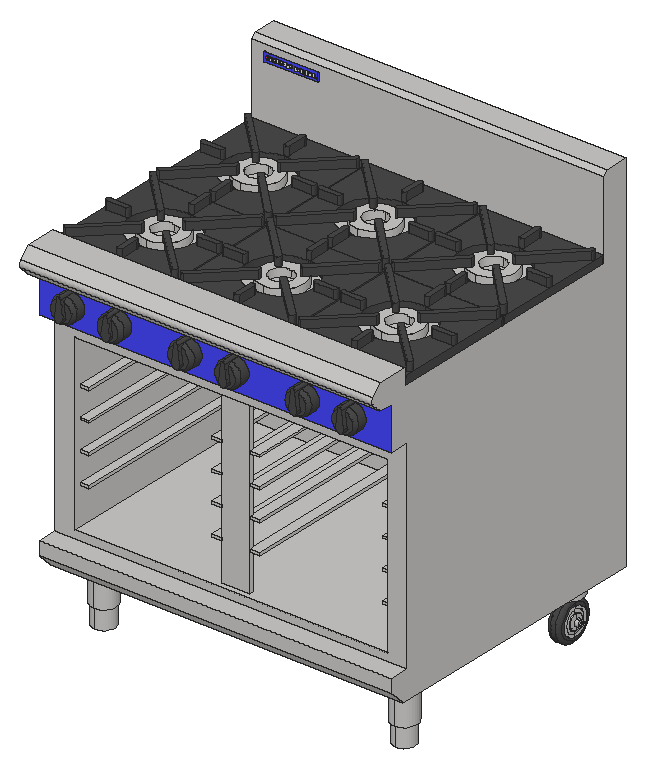
Revit family "QF_MOFFAT_BLUESEAL_CE_G516D-CB", category Specialty Equipment, Revit 2012
Parameters
  Width = 900 mm
  Weight in Pounds = 396  # constant formula
  URL Cutsheet = "www.moffat.com"
  URL = "www.moffat.com"
  Type Mark [instance] = ""
  Status [instance] = ""
  Specification by User [instance] = ""
  Specification by Manufacturer = ""
  Show Logo [instance] = yes
  Show Casters [instance] = yes
  Serial Number = ""
  Seismic Rating = ""
  SMACNA No = ""
  Revision Code [instance] = ""
  Omniclass Number and Title = ""
  NAFEM Spec ID Number = ""
  Model = "G516D-CB"
  Mechanical Remarks = ""
  Mechanical Connection Type = ""
  Masterspec = ""
  Manufacturer = "MOFFAT BLUESEAL"
  Legs [instance] = not(Show Casters)  # no
  Item Number [instance] = ""
  Installed By [instance] = ""
  Identify Quantity as Lot [instance] = yes
  Gas Size = 3/4"
  Gas RI Height = 0 mm
  Gas KW = 46.6
  Gas Input = 159233.0 Btu/h
  Gas Connection Height = 0 mm
  Furnished By [instance] = ""
  Foodservice Equipment Identifier [instance] = yes
  Description = "900MM GAS COOK TOP ON CABINET BASE"
  Depth = 812 mm
  CSI MasterFormat = ""
  CSI Master Format = ""
  Base Height [instance] = 150 mm
Reference planes
  plane 1 "BACK": y = 0
  plane 2: z = 0
  plane 3 "LEFT": x = 0
  plane 4 "RIGHT": x = 900
  plane 5 "FRONT": y = -812
  plane 6 "TOP": z = 970
  plane 7 "Center Y": x = 450
  plane 8 "Center X": y = -406
  plane 9 "Base Height": z = 150
  plane 10: z = 915
  plane 11: z = 1085
  plane 12: z = 740
  plane 13: x = 834
  plane 14: x = 65
  plane 15: y = -625
  plane 16: y = -100
Forms (mm)
  Extrusion 1, solid, material "QF_Finishes_Stainless Steel"
    sketch origin (0, 0, 0) x (0, 1, 0) y (0, 0, 1)
      loop
        line (0, 150) -> (0, 1085) -> (-57.5, 1085) -> (-70, 1072.5) -> (-70, 875) -> (-705.25, 875) -> (-705.25, 915) -> (-783.97, 915) -> (-808.485, 890.485)
        arc (-808.485, 890.485) -> (-811.999, 882) -> (-808.485, 873.515) r 12
        line (-808.485, 873.515) -> (-784.97, 850) -> (-749, 850) -> (-749, 740) -> (-130.5, 740) -> (-130.5, 222.5) -> (-749, 222.5) -> (-749, 186) -> (-713, 150) -> (0, 150)
    from 0 to 900
  Extrusion 2, void
    sketch origin (705, 3, 100) x (1, 0, 0) y (0, 1, 0)
      loop
        circle (65, -35) r 13.5
    from 640 to 570
  Revolve 3, solid, material "QF_Finishes_Black"
    sketch origin (90, 7, 760) x (0, 1, 0) y (0, 0, -1)
      loop
        line (-789, -69.5) -> (-766, -69.5) -> (-766, -42) -> (-756, -42) -> (-756, -37) -> (-800, -37) -> (-800, -63.651) -> (-789, -69.5)
      axis (-800, -37) -> (-756, -37)
    angle from 0 to 360
  Extrusion 4, solid, material "QF_Finishes_Black"
    sketch origin (228.27, 7, 760.158) x (-1, 0, 0) y (0, 0, -1)
      loop
        line (127.85, -26.037) -> (133.271, -68.955)
        arc (133.271, -68.955) -> (138.27, -73.842) -> (143.268, -68.955) r 5
        line (143.268, -68.955) -> (148.757, -24.87)
        arc (148.757, -24.87) -> (137.685, -14.371) -> (127.85, -26.037) r 10.487
    from 759 to 808
  Revolve 5, solid, material "QF_Finishes_Stainless Steel", visible <- "Legs"
    sketch origin (834, -165, 0) x (0, 1, 0) y (0, 0, -1)
      loop
        line (33.25, -150) -> (65, -150) -> (65, 0) -> (37.5, 0) -> (37.5, -50) -> (33.25, -50) -> (33.25, -150)
      axis (65, -150) -> (65, 0)
    angle from 0 to 360
  Revolve 6, solid, material "QF_Finishes_Stainless Steel"
    sketch origin (834, -728, 0) x (0, 1, 0) y (0, 0, -1)
      loop
        line (71.25, -150) -> (103, -150) -> (103, 0) -> (75.5, 0) -> (75.5, -50) -> (71.25, -50) -> (71.25, -150)
      axis (103, -150) -> (103, 0)
    angle from 0 to 360
  Extrusion 7, solid, material "QF_Finishes_Stainless Steel"
    sketch origin (0, -130.5, 735) x (0, 0, 1) y (-1, 0, 0)
      loop
        line (5, -900) -> (5, 0) -> (-512.5, 0) -> (-512.5, -900) -> (5, -900)
      loop
        line (-50, -850) -> (-50, -50) -> (-492.5, -50) -> (-492.5, -850) -> (-50, -850)
    from 0 to 568.5
  Extrusion 8, void
    sketch origin (0, 0, 150) x (-1, 0, 0) y (0, -1, 0)
      loop
        line (-824.497, 87.26) -> (-824.497, -30.24) -> (-694.997, -30.24) -> (-694.997, 38.76) -> (-743.497, 87.26) -> (-824.497, 87.26)
    from 72.5 to 590
  Extrusion 9, solid, material "QF_Finishes_Stainless Steel"
    sketch origin (0, -130.5, 735) x (0, 0, 1) y (-1, 0, 0)
      loop
        line (-50, -485.5) -> (-50, -414.5) -> (-492.5, -414.5) -> (-492.5, -485.5) -> (-50, -485.5)
    from 543.302 to 553.302
  Extrusion 10, solid, material "QF_Finishes_Stainless Steel"
    sketch origin (0, -130.5, 735) x (0, 0, 1) y (-1, 0, 0)
      loop
        line (-246.25, -414.5) -> (-239.9, -414.5) -> (-239.9, -389.5) -> (-246.25, -389.5) -> (-246.25, -414.5)
      loop
        line (-321.25, -414.5) -> (-314.9, -414.5) -> (-314.9, -389.5) -> (-321.25, -389.5) -> (-321.25, -414.5)
      loop
        line (-321.25, -50) -> (-321.25, -75) -> (-314.9, -75) -> (-314.9, -50) -> (-321.25, -50)
      loop
        line (-239.9, -75) -> (-239.9, -50) -> (-246.25, -50) -> (-246.25, -75) -> (-239.9, -75)
      loop
        line (-396.25, -414.5) -> (-389.9, -414.5) -> (-389.9, -389.5) -> (-396.25, -389.5) -> (-396.25, -414.5)
      loop
        line (-396.25, -50) -> (-396.25, -75) -> (-389.9, -75) -> (-389.9, -50) -> (-396.25, -50)
      loop
        line (-171.25, -414.5) -> (-164.9, -414.5) -> (-164.9, -389.5) -> (-171.25, -389.5) -> (-171.25, -414.5)
      loop
        line (-164.9, -75) -> (-164.9, -50) -> (-171.25, -50) -> (-171.25, -75) -> (-164.9, -75)
      loop
        line (-246.25, -485.5) -> (-246.25, -510.5) -> (-239.9, -510.5) -> (-239.9, -485.5) -> (-246.25, -485.5)
      loop
        line (-321.25, -485.5) -> (-321.25, -510.5) -> (-314.9, -510.5) -> (-314.9, -485.5) -> (-321.25, -485.5)
      loop
        line (-321.25, -850) -> (-314.9, -850) -> (-314.9, -825) -> (-321.25, -825) -> (-321.25, -850)
      loop
        line (-239.9, -825) -> (-246.25, -825) -> (-246.25, -850) -> (-239.9, -850) -> (-239.9, -825)
      loop
        line (-396.25, -485.5) -> (-396.25, -510.5) -> (-389.9, -510.5) -> (-389.9, -485.5) -> (-396.25, -485.5)
      loop
        line (-396.25, -850) -> (-389.9, -850) -> (-389.9, -825) -> (-396.25, -825) -> (-396.25, -850)
      loop
        line (-171.25, -485.5) -> (-171.25, -510.5) -> (-164.9, -510.5) -> (-164.9, -485.5) -> (-171.25, -485.5)
      loop
        line (-164.9, -825) -> (-171.25, -825) -> (-171.25, -850) -> (-164.9, -850) -> (-164.9, -825)
    from 0 to 553.302
  Extrusion 11, solid, material "QF_Finishes_Stainless Steel"
    sketch origin (705, -4.5, 740) x (0, 1, 0) y (1, 0, 0)
      loop
        circle (-27.5, 65) r 6.35
    from 0 to 1.6
  Revolve 12, solid, material "QF_Finishes_Stainless Steel", visible <- "Show Casters"
    sketch origin (784.648, -99.755, -13.653) x (1, 0, 0) y (0, 0, 1)
      loop
        line (14.841, 63.604) -> (83.584, 63.604) -> (83.584, 67.109) -> (82.314, 68.379) -> (80.79, 68.379) -> (80.79, 71.826) -> (68.644, 71.826) -> (68.644, 81.79) -> (65.088, 83.843) -> (63.738, 92.179) -> (65.881, 92.179) -> (65.881, 98.529) -> (65.088, 98.529) -> (65.088, 104.879)
        arc (65.088, 104.879) -> (62.298, 111.614) -> (55.563, 114.404) r 9.525
        line (55.563, 114.404) -> (42.863, 114.404)
        arc (42.863, 114.404) -> (36.127, 111.614) -> (33.338, 104.879) r 9.525
        line (33.338, 104.879) -> (33.338, 98.529) -> (32.544, 98.529) -> (32.544, 92.179) -> (34.687, 92.179) -> (33.352, 83.932) -> (29.782, 81.871) -> (29.782, 71.826) -> (17.635, 71.826) -> (17.635, 68.379) -> (16.111, 68.379) -> (14.841, 67.109) -> (14.841, 63.604)
      axis (14.841, 63.604) -> (83.584, 63.604)
    angle from 0 to 360
  Revolve 13, solid, material "QF_Finishes_Stainless Steel", visible <- "Show Casters"
    sketch origin (833.871, -203, 0) x (0, 1, 0) y (0, 0, 1)
      loop
        line (68.25, 150) -> (68.25, 110) -> (104, 110) -> (104, 150) -> (68.25, 150)
      axis (104, 150) -> (104, 110)
    angle from 0 to 360
  Revolve 14, solid, material "QF_Finishes_Stainless Steel", visible <- "Legs"
    sketch origin (65, -165, 0) x (0, 1, 0) y (0, 0, -1)
      loop
        line (33.25, -150) -> (65, -150) -> (65, 0) -> (37.5, 0) -> (37.5, -50) -> (33.25, -50) -> (33.25, -150)
      axis (65, -150) -> (65, 0)
    angle from 0 to 360
  Revolve 15, solid, material "QF_Finishes_Stainless Steel"
    sketch origin (65, -728, 0) x (0, 1, 0) y (0, 0, -1)
      loop
        line (71.25, -150) -> (103, -150) -> (103, 0) -> (75.5, 0) -> (75.5, -50) -> (71.25, -50) -> (71.25, -150)
      axis (103, -150) -> (103, 0)
    angle from 0 to 360
  Revolve 16, solid, material "QF_Finishes_Stainless Steel", visible <- "Show Casters"
    sketch origin (15.648, -99.755, -13.653) x (1, 0, 0) y (0, 0, 1)
      loop
        line (14.841, 63.604) -> (83.584, 63.604) -> (83.584, 67.109) -> (82.314, 68.379) -> (80.79, 68.379) -> (80.79, 71.826) -> (68.644, 71.826) -> (68.644, 81.79) -> (65.088, 83.843) -> (63.738, 92.179) -> (65.881, 92.179) -> (65.881, 98.529) -> (65.088, 98.529) -> (65.088, 104.879)
        arc (65.088, 104.879) -> (62.298, 111.614) -> (55.563, 114.404) r 9.525
        line (55.563, 114.404) -> (42.863, 114.404)
        arc (42.863, 114.404) -> (36.127, 111.614) -> (33.338, 104.879) r 9.525
        line (33.338, 104.879) -> (33.338, 98.529) -> (32.544, 98.529) -> (32.544, 92.179) -> (34.687, 92.179) -> (33.352, 83.932) -> (29.782, 81.871) -> (29.782, 71.826) -> (17.635, 71.826) -> (17.635, 68.379) -> (16.111, 68.379) -> (14.841, 67.109) -> (14.841, 63.604)
      axis (14.841, 63.604) -> (83.584, 63.604)
    angle from 0 to 360
  Revolve 17, solid, material "QF_Finishes_Stainless Steel", visible <- "Show Casters"
    sketch origin (64.871, -203, 0) x (0, 1, 0) y (0, 0, 1)
      loop
        line (68.25, 150) -> (68.25, 110) -> (104, 110) -> (104, 150) -> (68.25, 150)
      axis (104, 150) -> (104, 110)
    angle from 0 to 360
  Revolve 18, solid, material "QF_Finishes_Black"
    sketch origin (390, 7, 760) x (0, 1, 0) y (0, 0, -1)
      loop
        line (-789, -69.5) -> (-766, -69.5) -> (-766, -42) -> (-756, -42) -> (-756, -37) -> (-800, -37) -> (-800, -63.651) -> (-789, -69.5)
      axis (-800, -37) -> (-756, -37)
    angle from 0 to 360
  Extrusion 19, solid, material "QF_Finishes_Black"
    sketch origin (528.27, 7, 760.158) x (-1, 0, 0) y (0, 0, -1)
      loop
        line (127.85, -26.037) -> (133.271, -68.955)
        arc (133.271, -68.955) -> (138.27, -73.842) -> (143.268, -68.955) r 5
        line (143.268, -68.955) -> (148.757, -24.87)
        arc (148.757, -24.87) -> (137.685, -14.371) -> (127.85, -26.037) r 10.487
    from 759 to 808
  Revolve 20, solid, material "QF_Finishes_Black"
    sketch origin (690, 7, 760) x (0, 1, 0) y (0, 0, -1)
      loop
        line (-789, -69.5) -> (-766, -69.5) -> (-766, -42) -> (-756, -42) -> (-756, -37) -> (-800, -37) -> (-800, -63.651) -> (-789, -69.5)
      axis (-800, -37) -> (-756, -37)
    angle from 0 to 360
  Extrusion 21, solid, material "QF_Finishes_Black"
    sketch origin (828.27, 7, 760.158) x (-1, 0, 0) y (0, 0, -1)
      loop
        line (127.85, -26.037) -> (133.271, -68.955)
        arc (133.271, -68.955) -> (138.27, -73.842) -> (143.268, -68.955) r 5
        line (143.268, -68.955) -> (148.757, -24.87)
        arc (148.757, -24.87) -> (137.685, -14.371) -> (127.85, -26.037) r 10.487
    from 759 to 808
  Revolve 22, solid, material "QF_Finishes_Black"
    sketch origin (210, 7, 760) x (0, 1, 0) y (0, 0, -1)
      loop
        line (-789, -69.5) -> (-766, -69.5) -> (-766, -42) -> (-756, -42) -> (-756, -37) -> (-800, -37) -> (-800, -63.651) -> (-789, -69.5)
      axis (-800, -37) -> (-756, -37)
    angle from 0 to 360
  Extrusion 23, solid, material "QF_Finishes_Black"
    sketch origin (348.27, 7, 760.158) x (-1, 0, 0) y (0, 0, -1)
      loop
        line (127.85, -26.037) -> (133.271, -68.955)
        arc (133.271, -68.955) -> (138.27, -73.842) -> (143.268, -68.955) r 5
        line (143.268, -68.955) -> (148.757, -24.87)
        arc (148.757, -24.87) -> (137.685, -14.371) -> (127.85, -26.037) r 10.487
    from 759 to 808
  Revolve 24, solid, material "QF_Finishes_Black"
    sketch origin (510, 7, 760) x (0, 1, 0) y (0, 0, -1)
      loop
        line (-789, -69.5) -> (-766, -69.5) -> (-766, -42) -> (-756, -42) -> (-756, -37) -> (-800, -37) -> (-800, -63.651) -> (-789, -69.5)
      axis (-800, -37) -> (-756, -37)
    angle from 0 to 360
  Extrusion 25, solid, material "QF_Finishes_Black"
    sketch origin (648.27, 7, 760.158) x (-1, 0, 0) y (0, 0, -1)
      loop
        line (127.85, -26.037) -> (133.271, -68.955)
        arc (133.271, -68.955) -> (138.27, -73.842) -> (143.268, -68.955) r 5
        line (143.268, -68.955) -> (148.757, -24.87)
        arc (148.757, -24.87) -> (137.685, -14.371) -> (127.85, -26.037) r 10.487
    from 759 to 808
  Revolve 26, solid, material "QF_Finishes_Black"
    sketch origin (810, 7, 760) x (0, 1, 0) y (0, 0, -1)
      loop
        line (-789, -69.5) -> (-766, -69.5) -> (-766, -42) -> (-756, -42) -> (-756, -37) -> (-800, -37) -> (-800, -63.651) -> (-789, -69.5)
      axis (-800, -37) -> (-756, -37)
    angle from 0 to 360
  Extrusion 27, solid, material "QF_Finishes_Black"
    sketch origin (948.27, 7, 760.158) x (-1, 0, 0) y (0, 0, -1)
      loop
        line (127.85, -26.037) -> (133.271, -68.955)
        arc (133.271, -68.955) -> (138.27, -73.842) -> (143.268, -68.955) r 5
        line (143.268, -68.955) -> (148.757, -24.87)
        arc (148.757, -24.87) -> (137.685, -14.371) -> (127.85, -26.037) r 10.487
    from 759 to 808
Cuts and joins
  Extrusion 2, Extrusion 8 cuts Extrusion 1
  joined: Extrusion 1, Extrusion 7
Lines and regions (mm)
  Split face 1
    outline origin (900, 0, 1085) x (-1, 0, 0) y (0, -1, 0)
      loop
        arc (856, 18.385) -> (864.66, 23.385) -> (864.66, 33.385) r 10
        line (864.66, 33.385) -> (860.619, 40.385)
        arc (860.619, 40.385) -> (856.959, 44.045) -> (851.959, 45.385) r 10
        line (851.959, 45.385) -> (624, 45.385)
        arc (624, 45.385) -> (615.34, 40.385) -> (615.34, 30.385) r 10
        line (615.34, 30.385) -> (619.381, 23.385)
        arc (619.381, 23.385) -> (623.041, 19.725) -> (628.041, 18.385) r 10
        line (628.041, 18.385) -> (856, 18.385)
  Split face 2
    outline origin (900, 0, 1085) x (-1, 0, 0) y (0, -1, 0)
      loop
        arc (44, 45.385) -> (35.34, 40.385) -> (35.34, 30.385) r 10
        line (35.34, 30.385) -> (39.381, 23.385)
        arc (39.381, 23.385) -> (43.041, 19.725) -> (48.041, 18.385) r 10
        line (48.041, 18.385) -> (276, 18.385)
        arc (276, 18.385) -> (284.66, 23.385) -> (284.66, 33.385) r 10
        line (284.66, 33.385) -> (280.619, 40.385)
        arc (280.619, 40.385) -> (276.959, 44.045) -> (271.959, 45.385) r 10
        line (271.959, 45.385) -> (44, 45.385)
  Split face 3
    outline origin (900, 0, 1085) x (-1, 0, 0) y (0, -1, 0)
      loop
        arc (566, 18.385) -> (574.66, 23.385) -> (574.66, 33.385) r 10
        line (574.66, 33.385) -> (570.619, 40.385)
        arc (570.619, 40.385) -> (566.959, 44.045) -> (561.959, 45.385) r 10
        line (561.959, 45.385) -> (334, 45.385)
        arc (334, 45.385) -> (325.34, 40.385) -> (325.34, 30.385) r 10
        line (325.34, 30.385) -> (329.381, 23.385)
        arc (329.381, 23.385) -> (333.041, 19.725) -> (338.041, 18.385) r 10
        line (338.041, 18.385) -> (566, 18.385)
  symbolic lines, style "SpecialityEquipmentHiddenLines", visible <- "Show Casters"
    curve 1: line (78.456, -46.735, 0) -> (105.952, -62.61, 0)
    curve 2: line (27.656, -134.723, 0) -> (78.456, -46.735, 0)
    curve 3: line (55.152, -150.598, 0) -> (27.656, -134.723, 0)
    curve 4: line (105.952, -62.61, 0) -> (55.152, -150.598, 0)
    curve 5: line (847.456, -46.735, 0) -> (874.952, -62.61, 0)
    curve 6: line (796.656, -134.723, 0) -> (847.456, -46.735, 0)
    curve 7: line (824.152, -150.598, 0) -> (796.656, -134.723, 0)
    curve 8: line (874.952, -62.61, 0) -> (824.152, -150.598, 0)
  symbolic lines
    curve 9: line (0, -783.97, 0) -> (900, -783.97, 0)
    curve 10: line (0, -811.999, 0) -> (900, -811.999, 0)
    curve 11: line (0, 0, 0) -> (0, -811.999, 0)
    curve 12: line (900, 0, 0) -> (0, 0, 0)
    curve 13: line (900, -811.999, 0) -> (900, 0, 0)
    curve 14: line (624, -18.385, 0) -> (851.959, -18.385, 0)
    curve 15: arc (851.959, -18.385, 0) -> (856.959, -19.725, 0) -> (860.619, -23.385, 0) r 10
    curve 16: line (860.619, -23.385, 0) -> (864.66, -30.385, 0)
    curve 17: arc (864.66, -30.385, 0) -> (864.66, -40.385, 0) -> (856, -45.385, 0) r 10
    curve 18: line (856, -45.385, 0) -> (628.041, -45.385, 0)
    curve 19: arc (628.041, -45.385, 0) -> (623.041, -44.045, 0) -> (619.381, -40.385, 0) r 10
    curve 20: line (619.381, -40.385, 0) -> (615.34, -33.385, 0)
    curve 21: arc (615.34, -33.385, 0) -> (615.34, -23.385, 0) -> (624, -18.385, 0) r 10
    curve 22: line (561.959, -18.385, 0) -> (334, -18.385, 0)
    curve 23: arc (334, -18.385, 0) -> (325.34, -23.385, 0) -> (325.34, -33.385, 0) r 10
    curve 24: line (325.34, -33.385, 0) -> (329.381, -40.385, 0)
    curve 25: arc (329.381, -40.385, 0) -> (333.041, -44.045, 0) -> (338.041, -45.385, 0) r 10
    curve 26: line (338.041, -45.385, 0) -> (566, -45.385, 0)
    curve 27: arc (566, -45.385, 0) -> (574.66, -40.385, 0) -> (574.66, -30.385, 0) r 10
    curve 28: line (574.66, -30.385, 0) -> (570.619, -23.385, 0)
    curve 29: arc (570.619, -23.385, 0) -> (566.959, -19.725, 0) -> (561.959, -18.385, 0) r 10
    curve 30: line (44, -18.385, 0) -> (271.959, -18.385, 0)
    curve 31: arc (271.959, -18.385, 0) -> (276.959, -19.725, 0) -> (280.619, -23.385, 0) r 10
    curve 32: line (280.619, -23.385, 0) -> (284.66, -30.385, 0)
    curve 33: arc (284.66, -30.385, 0) -> (284.66, -40.385, 0) -> (276, -45.385, 0) r 10
    curve 34: line (276, -45.385, 0) -> (48.041, -45.385, 0)
    curve 35: arc (48.041, -45.385, 0) -> (43.041, -44.045, 0) -> (39.381, -40.385, 0) r 10
    curve 36: line (39.381, -40.385, 0) -> (35.34, -33.385, 0)
    curve 37: arc (35.34, -33.385, 0) -> (35.34, -23.385, 0) -> (44, -18.385, 0) r 10
    curve 38: line (0, -705.25, 0) -> (900, -705.25, 0)
    curve 39: line (0, -57.5, 0) -> (900, -57.5, 0)
    curve 40: line (0, -70, 0) -> (900, -70, 0)
Dimensions and locks
  equal spacing: plane 3 "LEFT", plane 7 "Center Y", plane 4 "RIGHT"
  "Width": plane 3 "LEFT" to plane 4 "RIGHT"
  equal spacing: plane 5 "FRONT", plane 8 "Center X", plane 1 "BACK"
  "Depth": plane 5 "FRONT" to plane 1 "BACK"
  "Base Height": plane 9 "Base Height" to level
  plane 10 to level = 915 mm
  cut or joined group of Extrusion 1, Extrusion 2, Extrusion 7, Extrusion 8 to level = 740 mm
  plane 11 to plane 2 = 1085 mm
  plane 2 to plane 12 = 740 mm
  plane 13 to plane 14 = 769 mm
  plane 16 to plane 15 = 525 mm
  plane 1 "BACK" to plane 16 = 100 mm
  Revolve 12 sketch curve to Revolve 12 sketch curve = 50.8 mm
  Extrusion 11 sketch curve to plane 4 "RIGHT" = 130 mm
  Revolve 16 sketch curve to Revolve 16 sketch curve = 50.8 mm
  Extrusion 11 sketch curve to plane 1 "BACK" = 32 mm
  aligned and locked: level to plane 2
Automatic sketch dimensions
  plane 1 "BACK" to curve 12 = 0 mm
  curve 12 to plane 3 "LEFT" = 0 mm
  curve 10 to plane 4 "RIGHT" = 0 mm
  plane 3 "LEFT" to curve 2 = 27.656 mm
  curve 36 to plane 14 = 29.66 mm
  curve 37 to curve 35 = 4.041 mm  (x2)
  curve 37 to curve 37 = 8.66 mm
  curve 4 to plane 14 = 9.848 mm
  plane 14 to curve 1 = 13.456 mm
  plane 1 "BACK" to curve 30 = 18.385 mm
  curve 1 to curve 30 = 166.007 mm
  curve 31 to curve 34 = 4.041 mm
  curve 30 to curve 31 = 8.66 mm
  plane 1 "BACK" to curve 32 = 30.385 mm
  curve 31 to curve 32 = 4.041 mm
  plane 1 "BACK" to curve 24 = 33.385 mm
  curve 32 to curve 24 = 40.679 mm
  curve 24 to curve 25 = 4.041 mm
  curve 23 to curve 22 = 8.66 mm
  curve 25 to curve 25 = 8.66 mm
  plane 1 "BACK" to curve 29 = 28.385 mm
  plane 7 "Center Y" to curve 29 = 111.959 mm
  curve 29 to curve 27 = 4.041 mm
  curve 22 to curve 29 = 8.66 mm
  plane 1 "BACK" to curve 28 = 30.385 mm
  curve 29 to curve 28 = 4.041 mm
  plane 1 "BACK" to curve 20 = 33.385 mm
  curve 28 to curve 20 = 40.679 mm
  plane 1 "BACK" to curve 20 = 40.385 mm
  curve 20 to curve 20 = 4.041 mm
  curve 20 to curve 21 = 8.66 mm
  curve 21 to curve 19 = 4.041 mm
  curve 6 to plane 13 = 37.344 mm
  curve 8 to plane 13 = 9.848 mm
  plane 13 to curve 6 = 13.456 mm
  plane 13 to curve 15 = 17.959 mm
  curve 15 to curve 17 = 4.041 mm
  curve 14 to curve 16 = 8.66 mm
  curve 16 to curve 16 = 4.041 mm
  curve 35 to curve 30 = 27 mm
  curve 19 to curve 19 = 5 mm
  curve 25 to curve 23 = 12 mm
  curve 1 to curve 35 = 1.35 mm
  curve 5 to curve 17 = 1.35 mm
  curve 39 to plane 16 = 42.5 mm
  curve 8 to curve 39 = 5.11 mm
  curve 1 to curve 1 = 15.875 mm
  curve 40 to curve 39 = 12.5 mm
  plane 15 to curve 38 = 80.25 mm
  curve 9 to plane 5 "FRONT" = 28.03 mm
  curve 10 to plane 5 "FRONT" = 0.001 mm
  curve 25 to curve 24 = 7 mm
  curve 34 to curve 35 = 5 mm
  curve 18 to curve 17 = 10 mm
  curve 35 to curve 37 = 7 mm
  curve 25 to curve 23 = 7 mm
  curve 19 to curve 21 = 7 mm
  curve 33 to curve 31 = 7 mm
  curve 17 to curve 15 = 7 mm
  Extrusion 1 sketch curve to plane 10 = 0 mm
  plane 12 to Extrusion 1 sketch curve = 0 mm
  Extrusion 1 sketch curve to plane 9 "Base Height" = 0 mm
  Extrusion 1 sketch curve to plane 11 = 0 mm
  Extrusion 1 sketch curve to plane 1 "BACK" = 0 mm
  Extrusion 1 sketch curve to plane 16 = 42.5 mm
  Extrusion 1 sketch curve to plane 16 = 30 mm
  plane 16 to Extrusion 1 sketch curve = 30.5 mm
  plane 15 to Extrusion 1 sketch curve = 80.25 mm
  plane 15 to Extrusion 1 sketch curve = 88 mm
  Extrusion 1 sketch curve to plane 5 "FRONT" = 63 mm  (x2)
  Extrusion 1 sketch curve to plane 5 "FRONT" = 28.03 mm
  Extrusion 1 sketch curve to plane 5 "FRONT" = 27.03 mm
  Extrusion 1 sketch curve to plane 5 "FRONT" = 12.001 mm
  Extrusion 1 sketch curve to plane 5 "FRONT" = 3.515 mm  (x2)
  plane 9 "Base Height" to Extrusion 1 sketch curve = 36 mm
  Extrusion 1 sketch curve to Extrusion 1 sketch curve = 36.5 mm
  Extrusion 1 sketch curve to plane 10 = 65 mm
  Extrusion 1 sketch curve to Extrusion 1 sketch curve = 23.515 mm
  Extrusion 1 sketch curve to plane 10 = 40 mm
  Extrusion 1 sketch curve to Extrusion 1 sketch curve = 8.485 mm
  Extrusion 1 sketch curve to plane 11 = 12.5 mm
  plane 1 "BACK" to Extrusion 2 sketch curve = 32 mm
  Extrusion 2 sketch curve to plane 13 = 64 mm
  Revolve 3 sketch curve to plane 5 "FRONT" = 19 mm
  Revolve 3 sketch curve to Revolve 3 sketch curve = 0 mm  (x2)
  Revolve 3 sketch curve to Revolve 3 sketch curve = 11 mm
  Revolve 3 sketch curve to Revolve 3 sketch curve = 12.7 mm
  Revolve 3 sketch curve to Revolve 3 sketch curve = 23 mm
  Revolve 3 sketch curve to Revolve 3 sketch curve = 10 mm
  Revolve 3 sketch curve to plane 10 = 85.5 mm
  Revolve 3 sketch curve to Revolve 3 sketch curve = 5.849 mm
  Revolve 3 sketch curve to Revolve 3 sketch curve = 27.5 mm
  Revolve 3 sketch curve to Revolve 3 sketch curve = 5 mm
  plane 14 to Extrusion 4 sketch curve = 35.419 mm
  plane 14 to Extrusion 4 sketch curve = 29.999 mm
  Extrusion 4 sketch curve to Extrusion 4 sketch curve = 10.419 mm
  Extrusion 4 sketch curve to Extrusion 4 sketch curve = 4.999 mm  (x2)
  Extrusion 4 sketch curve to Extrusion 4 sketch curve = 10.487 mm
  Extrusion 4 sketch curve to plane 10 = 85.887 mm
  Extrusion 4 sketch curve to Extrusion 4 sketch curve = 0.113 mm
  Extrusion 4 sketch curve to Extrusion 4 sketch curve = 42.919 mm
  Extrusion 4 sketch curve to Extrusion 4 sketch curve = 1.167 mm
  Revolve 5 sketch curve to plane 9 "Base Height" = 0 mm
  Revolve 5 sketch curve to level = 0 mm
  Revolve 5 sketch curve to plane 16 = 0 mm  (x2)
  plane 16 to Revolve 5 sketch curve = 27.5 mm
  plane 16 to Revolve 5 sketch curve = 31.75 mm
  level to Revolve 5 sketch curve = 50 mm
  Revolve 5 sketch curve to Revolve 5 sketch curve = 0 mm
  Revolve 5 sketch curve to Revolve 5 sketch curve = 55 mm
  Revolve 6 sketch curve to plane 9 "Base Height" = 0 mm
  Revolve 6 sketch curve to level = 0 mm
  Revolve 6 sketch curve to plane 15 = 0 mm  (x2)
  plane 15 to Revolve 6 sketch curve = 27.5 mm
  plane 15 to Revolve 6 sketch curve = 31.75 mm
  level to Revolve 6 sketch curve = 50 mm
  Revolve 6 sketch curve to Revolve 6 sketch curve = 0 mm
  Revolve 6 sketch curve to Revolve 6 sketch curve = 55 mm
  Extrusion 1 to Extrusion 7 sketch curve = 0 mm
  Extrusion 7 sketch curve to Extrusion 1 = 0 mm  (x3)
  Extrusion 1 to Extrusion 7 sketch curve = 20 mm
  Extrusion 7 sketch curve to Extrusion 1 = 55 mm
  Extrusion 1 to Extrusion 7 sketch curve = 50 mm  (x2)
  Extrusion 8 sketch curve to plane 13 = 9.503 mm
  Extrusion 8 sketch curve to plane 16 = 12.74 mm
  Extrusion 8 sketch curve to Extrusion 8 sketch curve = 81 mm
  Extrusion 8 sketch curve to Extrusion 8 sketch curve = 48.5 mm
  plane 1 "BACK" to Extrusion 8 sketch curve = 38.76 mm
  Extrusion 8 sketch curve to plane 1 "BACK" = 30.24 mm
  Extrusion 1 to Extrusion 9 sketch curve = 20 mm
  Extrusion 9 sketch curve to Extrusion 1 = 55 mm
  Extrusion 1 to Extrusion 9 sketch curve = 414.5 mm
  Extrusion 9 sketch curve to Extrusion 9 sketch curve = 71 mm
  Extrusion 1 to Extrusion 10 sketch curve = 116.25 mm  (x3)
  Extrusion 10 sketch curve to Extrusion 10 sketch curve = 0 mm  (x6)
  Extrusion 1 to Extrusion 10 sketch curve = 50 mm  (x4)
  Extrusion 10 sketch curve to Extrusion 10 sketch curve = 6.35 mm  (x16)
  Extrusion 10 sketch curve to Extrusion 10 sketch curve = 68.65 mm  (x12)
  Extrusion 10 sketch curve to Extrusion 10 sketch curve = 25 mm  (x16)
  Extrusion 10 sketch curve to Extrusion 10 sketch curve = 314.5 mm
  Extrusion 10 sketch curve to Extrusion 10 sketch curve = 71 mm  (x4)
  Extrusion 1 to Extrusion 10 sketch curve = 75 mm  (x2)
  Split face 1 sketch curve to cut or joined group of Extrusion 1, Extrusion 2, Extrusion 7, Extrusion 8 = 27.115 mm
  Split face 1 sketch curve to cut or joined group of Extrusion 1, Extrusion 2, Extrusion 7, Extrusion 8 = 284.66 mm
  Split face 1 sketch curve to Split face 1 sketch curve = 4.041 mm  (x4)
  Split face 1 sketch curve to Split face 1 sketch curve = 8.66 mm  (x2)
  Split face 1 sketch curve to cut or joined group of Extrusion 1, Extrusion 2, Extrusion 7, Extrusion 8 = 12.115 mm
  Split face 1 sketch curve to cut or joined group of Extrusion 1, Extrusion 2, Extrusion 7, Extrusion 8 = 48.041 mm
  Split face 1 sketch curve to Split face 1 sketch curve = 7 mm  (x3)
  Split face 1 sketch curve to Split face 1 sketch curve = 17 mm
  Split face 2 sketch curve to cut or joined group of Extrusion 1, Extrusion 2, Extrusion 7, Extrusion 8 = 35.34 mm
  Split face 2 sketch curve to Split face 2 sketch curve = 4.041 mm  (x4)
  Split face 2 sketch curve to Split face 2 sketch curve = 8.66 mm  (x2)
  Split face 2 sketch curve to cut or joined group of Extrusion 1, Extrusion 2, Extrusion 7, Extrusion 8 = 22.115 mm
  Split face 2 sketch curve to Split face 2 sketch curve = 223.917 mm
  Split face 2 sketch curve to cut or joined group of Extrusion 1, Extrusion 2, Extrusion 7, Extrusion 8 = 17.115 mm
  Split face 2 sketch curve to Split face 2 sketch curve = 10 mm
  Split face 2 sketch curve to Split face 2 sketch curve = 7 mm  (x3)
  Split face 3 sketch curve to cut or joined group of Extrusion 1, Extrusion 2, Extrusion 7, Extrusion 8 = 27.115 mm
  Split face 3 sketch curve to cut or joined group of Extrusion 1, Extrusion 2, Extrusion 7, Extrusion 8 = 325.34 mm
  Split face 3 sketch curve to Split face 3 sketch curve = 4.041 mm  (x4)
  Split face 3 sketch curve to Split face 3 sketch curve = 8.66 mm  (x2)
  Split face 3 sketch curve to cut or joined group of Extrusion 1, Extrusion 2, Extrusion 7, Extrusion 8 = 12.115 mm
  Split face 3 sketch curve to Split face 3 sketch curve = 223.917 mm
  Split face 3 sketch curve to Split face 3 sketch curve = 7 mm  (x3)
  Split face 3 sketch curve to Split face 3 sketch curve = 17 mm
  Revolve 12 sketch curve to plane 13 = 34.511 mm
  Revolve 12 sketch curve to Revolve 12 sketch curve = 1.27 mm  (x4)
  Revolve 12 sketch curve to Revolve 12 sketch curve = 1.524 mm  (x2)
  Revolve 12 sketch curve to Revolve 12 sketch curve = 12.146 mm  (x2)
  Revolve 12 sketch curve to plane 13 = 16.809 mm
  Revolve 12 sketch curve to Revolve 12 sketch curve = 0.794 mm  (x2)
  Revolve 12 sketch curve to Revolve 12 sketch curve = 3.57 mm
  Revolve 12 sketch curve to Revolve 12 sketch curve = 2.143 mm
  Revolve 12 sketch curve to plane 13 = 6.49 mm
  plane 13 to Revolve 12 sketch curve = 5.001 mm
  plane 13 to Revolve 12 sketch curve = 6.21 mm
  plane 13 to Revolve 12 sketch curve = 14.386 mm
  Revolve 12 sketch curve to Revolve 12 sketch curve = 1.349 mm  (x2)
  Revolve 12 sketch curve to Revolve 12 sketch curve = 3.556 mm
  Revolve 12 sketch curve to plane 4 "RIGHT" = 1.551 mm
  level to Revolve 12 sketch curve = 49.952 mm
  Revolve 12 sketch curve to Revolve 12 sketch curve = 0 mm
  Revolve 12 sketch curve to Revolve 12 sketch curve = 3.505 mm  (x2)
  Revolve 12 sketch curve to Revolve 12 sketch curve = 3.447 mm  (x2)
  Revolve 12 sketch curve to Revolve 12 sketch curve = 9.964 mm
  Revolve 12 sketch curve to Revolve 12 sketch curve = 10.045 mm
  Revolve 12 sketch curve to Revolve 12 sketch curve = 2.053 mm
  Revolve 12 sketch curve to Revolve 12 sketch curve = 2.061 mm
  Revolve 12 sketch curve to Revolve 12 sketch curve = 8.247 mm
  Revolve 12 sketch curve to Revolve 12 sketch curve = 8.336 mm
  Revolve 12 sketch curve to Revolve 12 sketch curve = 6.35 mm  (x2)
  Revolve 13 sketch curve to plane 9 "Base Height" = 0 mm
  plane 16 to Revolve 13 sketch curve = 34.75 mm
  Revolve 13 sketch curve to plane 16 = 1 mm  (x2)
  Revolve 13 sketch curve to plane 9 "Base Height" = 40 mm
  level to Revolve 13 sketch curve = 50 mm
  Revolve 13 sketch curve to level = 55 mm
  Revolve 14 sketch curve to plane 9 "Base Height" = 0 mm
  Revolve 14 sketch curve to level = 0 mm
  Revolve 14 sketch curve to plane 16 = 0 mm  (x2)
  plane 16 to Revolve 14 sketch curve = 27.5 mm
  plane 16 to Revolve 14 sketch curve = 31.75 mm
  level to Revolve 14 sketch curve = 50 mm
  Revolve 14 sketch curve to Revolve 14 sketch curve = 0 mm
  Revolve 14 sketch curve to Revolve 14 sketch curve = 55 mm
  Revolve 15 sketch curve to plane 9 "Base Height" = 0 mm
  Revolve 15 sketch curve to level = 0 mm
  Revolve 15 sketch curve to plane 15 = 0 mm  (x2)
  plane 15 to Revolve 15 sketch curve = 27.5 mm
  plane 15 to Revolve 15 sketch curve = 31.75 mm
  level to Revolve 15 sketch curve = 50 mm
  Revolve 15 sketch curve to Revolve 15 sketch curve = 0 mm
  Revolve 15 sketch curve to Revolve 15 sketch curve = 55 mm
  plane 3 "LEFT" to Revolve 16 sketch curve = 30.489 mm
  Revolve 16 sketch curve to Revolve 16 sketch curve = 1.27 mm  (x4)
  Revolve 16 sketch curve to Revolve 16 sketch curve = 1.524 mm  (x2)
  Revolve 16 sketch curve to Revolve 16 sketch curve = 12.146 mm  (x2)
  Revolve 16 sketch curve to plane 14 = 16.809 mm
  Revolve 16 sketch curve to Revolve 16 sketch curve = 0.794 mm  (x2)
  Revolve 16 sketch curve to Revolve 16 sketch curve = 3.57 mm
  Revolve 16 sketch curve to Revolve 16 sketch curve = 2.143 mm
  Revolve 16 sketch curve to plane 14 = 6.49 mm
  plane 14 to Revolve 16 sketch curve = 5.001 mm
  plane 14 to Revolve 16 sketch curve = 6.21 mm
  plane 14 to Revolve 16 sketch curve = 14.386 mm
  Revolve 16 sketch curve to Revolve 16 sketch curve = 1.349 mm  (x2)
  Revolve 16 sketch curve to Revolve 16 sketch curve = 3.556 mm
  Revolve 16 sketch curve to Revolve 16 sketch curve = 33.32 mm
  level to Revolve 16 sketch curve = 49.952 mm
  Revolve 16 sketch curve to Revolve 16 sketch curve = 0 mm
  Revolve 16 sketch curve to Revolve 16 sketch curve = 3.505 mm  (x2)
  Revolve 16 sketch curve to Revolve 16 sketch curve = 3.447 mm  (x2)
  Revolve 16 sketch curve to Revolve 16 sketch curve = 9.964 mm
  Revolve 16 sketch curve to Revolve 16 sketch curve = 10.045 mm
  Revolve 16 sketch curve to Revolve 16 sketch curve = 2.053 mm
  Revolve 16 sketch curve to Revolve 16 sketch curve = 2.061 mm
  Revolve 16 sketch curve to Revolve 16 sketch curve = 8.247 mm
  Revolve 16 sketch curve to Revolve 16 sketch curve = 8.336 mm
  Revolve 16 sketch curve to Revolve 16 sketch curve = 6.35 mm  (x2)
  Revolve 17 sketch curve to plane 9 "Base Height" = 0 mm
  plane 16 to Revolve 17 sketch curve = 34.75 mm
  Revolve 17 sketch curve to plane 16 = 1 mm  (x2)
  Revolve 17 sketch curve to plane 9 "Base Height" = 40 mm
  level to Revolve 17 sketch curve = 50 mm
  Revolve 17 sketch curve to level = 55 mm
  Revolve 18 sketch curve to plane 5 "FRONT" = 19 mm
  Revolve 18 sketch curve to Revolve 18 sketch curve = 0 mm  (x2)
  Revolve 18 sketch curve to Revolve 18 sketch curve = 11 mm
  Revolve 18 sketch curve to Revolve 18 sketch curve = 12.7 mm
  Revolve 18 sketch curve to Revolve 18 sketch curve = 23 mm
  Revolve 18 sketch curve to Revolve 18 sketch curve = 10 mm
  Revolve 18 sketch curve to plane 10 = 85.5 mm
  Revolve 18 sketch curve to Revolve 18 sketch curve = 5.849 mm
  Revolve 18 sketch curve to Revolve 18 sketch curve = 27.5 mm
  Revolve 18 sketch curve to Revolve 18 sketch curve = 5 mm
  Extrusion 19 sketch curve to plane 7 "Center Y" = 49.581 mm
  Extrusion 19 sketch curve to Extrusion 19 sketch curve = 5.421 mm
  Extrusion 19 sketch curve to Extrusion 19 sketch curve = 10.419 mm
  Extrusion 19 sketch curve to Extrusion 19 sketch curve = 4.999 mm  (x2)
  Extrusion 19 sketch curve to Extrusion 19 sketch curve = 10.487 mm
  Extrusion 19 sketch curve to plane 10 = 85.887 mm
  Extrusion 19 sketch curve to Extrusion 19 sketch curve = 0.113 mm
  Extrusion 19 sketch curve to Extrusion 19 sketch curve = 42.919 mm
  Extrusion 19 sketch curve to Extrusion 19 sketch curve = 1.167 mm
  Revolve 20 sketch curve to plane 5 "FRONT" = 19 mm
  Revolve 20 sketch curve to Revolve 20 sketch curve = 0 mm  (x2)
  Revolve 20 sketch curve to Revolve 20 sketch curve = 11 mm
  Revolve 20 sketch curve to Revolve 20 sketch curve = 12.7 mm
  Revolve 20 sketch curve to Revolve 20 sketch curve = 23 mm
  Revolve 20 sketch curve to Revolve 20 sketch curve = 10 mm
  Revolve 20 sketch curve to plane 10 = 85.5 mm
  Revolve 20 sketch curve to Revolve 20 sketch curve = 5.849 mm
  Revolve 20 sketch curve to Revolve 20 sketch curve = 27.5 mm
  Revolve 20 sketch curve to Revolve 20 sketch curve = 5 mm
  Extrusion 21 sketch curve to plane 12 = 46.195 mm
  Extrusion 21 sketch curve to plane 13 = 133.581 mm
  Extrusion 21 sketch curve to Extrusion 21 sketch curve = 5.421 mm
  Extrusion 21 sketch curve to Extrusion 21 sketch curve = 10.419 mm
  Extrusion 21 sketch curve to Extrusion 21 sketch curve = 4.999 mm  (x2)
  Extrusion 21 sketch curve to plane 10 = 85.887 mm
  Extrusion 21 sketch curve to Extrusion 21 sketch curve = 10.487 mm
  Extrusion 21 sketch curve to Extrusion 21 sketch curve = 0.113 mm
  Extrusion 21 sketch curve to Extrusion 21 sketch curve = 1.167 mm
  Revolve 22 sketch curve to plane 5 "FRONT" = 19 mm
  Revolve 22 sketch curve to Revolve 22 sketch curve = 0 mm  (x2)
  Revolve 22 sketch curve to Revolve 22 sketch curve = 11 mm
  Revolve 22 sketch curve to Revolve 22 sketch curve = 12.7 mm
  Revolve 22 sketch curve to Revolve 22 sketch curve = 23 mm
  Revolve 22 sketch curve to Revolve 22 sketch curve = 10 mm
  Revolve 22 sketch curve to plane 10 = 85.5 mm
  Revolve 22 sketch curve to Revolve 22 sketch curve = 5.849 mm
  Revolve 22 sketch curve to Revolve 22 sketch curve = 27.5 mm
  Revolve 22 sketch curve to Revolve 22 sketch curve = 5 mm
  Extrusion 23 sketch curve to plane 12 = 46.195 mm
  plane 14 to Extrusion 23 sketch curve = 155.419 mm
  Extrusion 23 sketch curve to Extrusion 23 sketch curve = 5.421 mm
  Extrusion 23 sketch curve to Extrusion 23 sketch curve = 10.419 mm
  Extrusion 23 sketch curve to Extrusion 23 sketch curve = 4.999 mm  (x2)
  Extrusion 23 sketch curve to plane 10 = 85.887 mm
  Extrusion 23 sketch curve to Extrusion 23 sketch curve = 10.487 mm
  Extrusion 23 sketch curve to Extrusion 23 sketch curve = 0.113 mm
  Extrusion 23 sketch curve to Extrusion 23 sketch curve = 1.167 mm
  Revolve 24 sketch curve to plane 5 "FRONT" = 19 mm
  Revolve 24 sketch curve to Revolve 24 sketch curve = 0 mm  (x2)
  Revolve 24 sketch curve to Revolve 24 sketch curve = 11 mm
  Revolve 24 sketch curve to Revolve 24 sketch curve = 12.7 mm
  Revolve 24 sketch curve to Revolve 24 sketch curve = 23 mm
  Revolve 24 sketch curve to Revolve 24 sketch curve = 10 mm
  Revolve 24 sketch curve to plane 10 = 85.5 mm
  Revolve 24 sketch curve to Revolve 24 sketch curve = 5.849 mm
  Revolve 24 sketch curve to Revolve 24 sketch curve = 27.5 mm
  Revolve 24 sketch curve to Revolve 24 sketch curve = 5 mm
  plane 7 "Center Y" to Extrusion 25 sketch curve = 70.419 mm
  Extrusion 25 sketch curve to Extrusion 25 sketch curve = 5.421 mm
  Extrusion 25 sketch curve to Extrusion 25 sketch curve = 10.419 mm
  Extrusion 25 sketch curve to Extrusion 25 sketch curve = 4.999 mm  (x2)
  Extrusion 25 sketch curve to Extrusion 25 sketch curve = 10.487 mm
  Extrusion 25 sketch curve to plane 10 = 85.887 mm
  Extrusion 25 sketch curve to Extrusion 25 sketch curve = 0.113 mm
  Extrusion 25 sketch curve to Extrusion 25 sketch curve = 42.919 mm
  Extrusion 25 sketch curve to Extrusion 25 sketch curve = 1.167 mm
  Revolve 26 sketch curve to plane 5 "FRONT" = 19 mm
  Revolve 26 sketch curve to Revolve 26 sketch curve = 0 mm  (x2)
  Revolve 26 sketch curve to Revolve 26 sketch curve = 11 mm
  Revolve 26 sketch curve to Revolve 26 sketch curve = 12.7 mm
  Revolve 26 sketch curve to Revolve 26 sketch curve = 23 mm
  Revolve 26 sketch curve to Revolve 26 sketch curve = 10 mm
  Revolve 26 sketch curve to plane 10 = 85.5 mm
  Revolve 26 sketch curve to Revolve 26 sketch curve = 5.849 mm
  Revolve 26 sketch curve to Revolve 26 sketch curve = 27.5 mm
  Revolve 26 sketch curve to Revolve 26 sketch curve = 5 mm
  Extrusion 27 sketch curve to plane 13 = 13.581 mm
  Extrusion 27 sketch curve to plane 13 = 19.001 mm
  Extrusion 27 sketch curve to Extrusion 27 sketch curve = 10.419 mm
  Extrusion 27 sketch curve to Extrusion 27 sketch curve = 4.999 mm  (x2)
  Extrusion 27 sketch curve to Extrusion 27 sketch curve = 10.487 mm
  Extrusion 27 sketch curve to plane 10 = 85.887 mm
  Extrusion 27 sketch curve to Extrusion 27 sketch curve = 0.113 mm
  Extrusion 27 sketch curve to Extrusion 27 sketch curve = 42.919 mm
  Extrusion 27 sketch curve to Extrusion 27 sketch curve = 1.167 mm
  radius of Extrusion 2 sketch curve = 13.5 mm
  radius of Extrusion 11 sketch curve = 6.35 mm
Nested families
  nested 1: "WALDORF LOGO_FACE BASE" at (32, -70, 1056.885) x (1, 0, 0) z (0, -1, 0), visible <- "Show Logo", type "WALDORF LOGO_FACE BASE", detail levels medium+fine
    with Show Logo yes
  nested 2: "GAS BURNER 900" at (0, -70.25, 875), type "GAS BURNER 900"
    with Width 900 mm, Type Mark "", Status "", Specification by User "", Revision Code "", Item Number "", Installed By "", Identify Quantity as Lot yes, Furnished By "", Foodservice Equipment Identifier yes, Depth 635 mm
Connectors
  piping at (770, -32, 738.4)
    settings: on Extrusion 11, index 1, connector radius 0.37402", flow factor 0, pipe flow 0 GPM, pressure drop 0.00 psi, fitting loss kfactor 0, connector angle 0.00°, fixture units 0, engagement length 0 mm, flow configuration 1, flow direction 1, fitting loss method 0, system type 7, joint type 0, gender type 0, connector reference index -1, connector utility 0, adjustable connector no, is connector primary yes, fitting loss table "", connector description "GAS CONNECTION"
Definition of nested family "WALDORF LOGO_FACE BASE"
  Parameters (values of type "WALDORF LOGO_FACE BASE")
    Show Logo [instance] = yes
    Default Elevation = 1219.2 mm
  Reference planes
    plane 1 "Center (Front/Back)": y = 0
    plane 2: z = 0
    plane 3 "Center (Left/Right)": x = 0
  Forms (mm)
    Extrusion 1, solid
      sketch origin (0, 0, 0) x (1, 0, 0) y (0, 1, 0)
        loop
          line (-1219.2, 1219.2) -> (-1219.2, -1219.2) -> (1219.2, -1219.2) -> (1219.2, 1219.2) -> (-1219.2, 1219.2)
      from 0 to -304.8
    Extrusion 2, solid, material "QF_Finishes_Blue", visible <- "Show Logo"
      sketch origin (0, -33.217, 0) x (1, 0, 0) y (0, 1, 0)
        loop
          arc (138, 31.942) -> (137.626, 32.844) -> (136.724, 33.217) r 1.276
          line (136.724, 33.217) -> (1.29, 33.217)
          arc (1.29, 33.217) -> (0.378, 32.839) -> (0, 31.927) r 1.29
          line (0, 31.927) -> (0, 11.507)
          arc (0, 11.507) -> (0.378, 10.595) -> (1.29, 10.217) r 1.29
          line (1.29, 10.217) -> (136.71, 10.217)
          arc (136.71, 10.217) -> (137.622, 10.595) -> (138, 11.507) r 1.29
          line (138, 11.507) -> (138, 31.942)
      from 0 to 1.588
    Extrusion 3, solid, material "QF_Finishes_White", visible <- "Show Logo"
      sketch origin (0, -33.217, 1.588) x (1, 0, 0) y (0, 1, 0)
        loop
          arc (108.946, 25.919) -> (107.613, 25.367) -> (107.061, 24.034) r 1.885
          line (107.061, 24.034) -> (107.061, 17.211) -> (112.704, 17.211) -> (112.704, 19.129) -> (115.546, 19.129) -> (115.546, 17.211) -> (121.584, 17.211) -> (121.584, 24.075)
          arc (121.584, 24.075) -> (121.043, 25.379) -> (119.739, 25.919) r 1.845
          line (119.739, 25.919) -> (108.946, 25.919)
        loop
          line (123.478, 25.919) -> (123.478, 17.163) -> (134.904, 17.163) -> (134.904, 19.129) -> (129.246, 19.129) -> (129.246, 25.919) -> (123.478, 25.919)
        loop
          line (112.704, 21.258) -> (115.546, 21.258) -> (115.546, 22.702)
          arc (115.546, 22.702) -> (115.344, 23.188) -> (114.858, 23.389) r 0.687
          line (114.858, 23.389) -> (113.363, 23.389)
          arc (113.363, 23.389) -> (112.897, 23.196) -> (112.704, 22.73) r 0.658
          line (112.704, 22.73) -> (112.704, 21.258)
        loop
          line (105.071, 25.919) -> (93.771, 25.919) -> (93.771, 17.163) -> (105.071, 17.163) -> (105.071, 19.063) -> (99.535, 19.063) -> (99.535, 20.437) -> (105.071, 20.437) -> (105.071, 22.278) -> (99.535, 22.278) -> (99.535, 23.587) -> (105.071, 23.587) -> (105.071, 25.919)
        loop
          line (91.104, 25.919) -> (79.541, 25.919)
          arc (79.541, 25.919) -> (78.558, 25.513) -> (78.152, 24.53) r 1.389
          line (78.152, 24.53) -> (78.152, 22.08)
          arc (78.152, 22.08) -> (78.558, 21.098) -> (79.541, 20.691) r 1.389
          line (79.541, 20.691) -> (86.346, 20.691) -> (86.346, 18.864) -> (83.266, 18.864) -> (83.266, 19.664) -> (78.152, 19.664) -> (78.152, 18.553)
          arc (78.152, 18.553) -> (78.558, 17.57) -> (79.541, 17.163) r 1.389
          line (79.541, 17.163) -> (91.063, 17.163)
          arc (91.063, 17.163) -> (92.045, 17.57) -> (92.452, 18.553) r 1.389
          line (92.452, 18.553) -> (92.452, 20.691)
          arc (92.452, 20.691) -> (92.045, 21.673) -> (91.063, 22.08) r 1.389
          line (91.063, 22.08) -> (83.266, 22.08) -> (83.266, 23.984) -> (86.346, 23.984) -> (86.346, 22.743) -> (92.452, 22.743) -> (92.452, 24.571)
          arc (92.452, 24.571) -> (92.057, 25.524) -> (91.104, 25.919) r 1.348
        loop
          line (70.705, 25.919) -> (59.405, 25.919) -> (59.405, 17.163) -> (70.705, 17.163) -> (70.705, 19.063) -> (65.169, 19.063) -> (65.169, 20.437) -> (70.705, 20.437) -> (70.705, 22.278) -> (65.169, 22.278) -> (65.169, 23.587) -> (70.705, 23.587) -> (70.705, 25.919)
        loop
          line (57.598, 25.919) -> (51.7, 25.919) -> (51.7, 20.18)
          arc (51.7, 20.18) -> (50.63, 19.11) -> (49.56, 20.18) r 1.07
          line (49.56, 20.18) -> (49.56, 25.919) -> (43.663, 25.919) -> (43.663, 19.049)
          arc (43.663, 19.049) -> (44.215, 17.716) -> (45.548, 17.163) r 1.885
          line (45.548, 17.163) -> (55.71, 17.163)
          arc (55.71, 17.163) -> (57.045, 17.716) -> (57.598, 19.051) r 1.887
          line (57.598, 19.051) -> (57.598, 25.919)
        loop
          line (31.62, 25.919) -> (31.62, 17.163) -> (43.046, 17.163) -> (43.046, 19.129) -> (37.388, 19.129) -> (37.388, 25.919) -> (31.62, 25.919)
        loop
          line (15.969, 25.919) -> (15.969, 17.163) -> (28.693, 17.163)
          arc (28.693, 17.163) -> (29.812, 17.627) -> (30.276, 18.746) r 1.582
          line (30.276, 18.746) -> (30.276, 20.447) -> (29.48, 21.243) -> (30.276, 22.039) -> (30.276, 24.332)
          arc (30.276, 24.332) -> (29.811, 25.454) -> (28.688, 25.919) r 1.587
          line (28.688, 25.919) -> (15.969, 25.919)
        loop
          line (21.449, 24.159) -> (21.449, 22.436) -> (23.862, 22.436)
          arc (23.862, 22.436) -> (24.723, 23.298) -> (23.862, 24.159) r 0.861
          line (23.862, 24.159) -> (21.449, 24.159)
        loop
          line (21.449, 20.244) -> (21.449, 18.522) -> (23.862, 18.522)
          arc (23.862, 18.522) -> (24.723, 19.383) -> (23.862, 20.244) r 0.861
          line (23.862, 20.244) -> (21.449, 20.244)
      from 0 to 0.2
    Extrusion 4, solid, material "QF_Finishes_Blue", visible <- "Show Logo"
      sketch origin (-126.498, -31.09, 1.588) x (1, 0, 0) y (0, 1, 0)
        loop
          line (136.738, 23.522) -> (136.738, 15.1)
          arc (136.738, 15.1) -> (140.756, 19.311) -> (136.738, 23.522) r 4.216
      from 0 to 0.2
    Extrusion 5, solid, material "QF_Finishes_Red", visible <- "Show Logo"
      sketch origin (146.849, -31.09, 1.588) x (-1, 0, 0) y (0, -1, 0)
        loop
          arc (136.738, -23.522) -> (140.756, -19.311) -> (136.738, -15.1) r 4.216
          line (136.738, -15.1) -> (136.738, -23.522)
      from 0 to 0.2
  Lines and regions (mm)
    Split face 1
      outline origin (-90.35, -30.793, 1.588) x (1, 0, 0) y (0, 1, 0)
        loop
          circle (100.54, 19.013) r 4.536
  Dimensions and locks
    aligned and locked: plane 2 to Extrusion 1
    aligned and locked: level to Extrusion 1
Definition of nested family "GAS BURNER 900"
  Parameters (values of type "GAS BURNER 900")
    Width [instance] = 900 mm
    Weight in Pounds = 0
    URL Cutsheet = ""
    Type Mark [instance] = ""
    Status [instance] = ""
    Specification by User [instance] = ""
    Specification by Manufacturer = ""
    Serial Number = ""
    Seismic Rating = ""
    SMACNA No = ""
    Revision Code [instance] = ""
    Omniclass Number and Title = ""
    NAFEM Spec ID Number = ""
    Masterspec = ""
    Item Number [instance] = ""
    Installed By [instance] = ""
    Identify Quantity as Lot [instance] = yes
    Furnished By [instance] = ""
    Foodservice Equipment Identifier [instance] = yes
    Depth [instance] = 635 mm
    CSI MasterFormat = ""
    CSI Master Format = ""
  Reference planes
    plane 1 "BACK": y = 0
    plane 2: z = 0
    plane 3 "LEFT": x = 0
    plane 4 "RIGHT": x = 900
    plane 5 "FRONT": y = -635
    plane 6 "TOP": z = 142.5
    plane 7 "Center Y": x = 450
    plane 8 "Center X": y = -317.5
  Forms (mm)
    Extrusion 1, solid, material "QF_Finishes_Black"
      sketch origin (0, 0, 0) x (0, -1, 0) y (1, 0, 0)
        loop
          line (318.5, 4) -> (318.5, 296)
          arc (318.5, 296) -> (317.621, 298.121) -> (315.5, 299) r 3
          line (315.5, 299) -> (3, 299)
          arc (3, 299) -> (0.879, 298.121) -> (0, 296) r 3
          line (0, 296) -> (0, 4)
          arc (0, 4) -> (0.879, 1.879) -> (3, 1) r 3
          line (3, 1) -> (315.5, 1)
          arc (315.5, 1) -> (317.621, 1.879) -> (318.5, 4) r 3
        loop
          line (324.5, 1) -> (632, 1)
          arc (632, 1) -> (634.121, 1.879) -> (635, 4) r 3
          line (635, 4) -> (635, 296)
          arc (635, 296) -> (634.121, 298.121) -> (632, 299) r 3
          line (632, 299) -> (324.5, 299)
          arc (324.5, 299) -> (322.379, 298.121) -> (321.5, 296) r 3
          line (321.5, 296) -> (321.5, 4)
          arc (321.5, 4) -> (322.379, 1.879) -> (324.5, 1) r 3
        loop
          circle (168.5, 149.991) r 84.082
        loop
          circle (468.5, 149.991) r 84.082
      from 0 to 19.5
    Extrusion 2, solid, material "QF_Finishes_Black"
      sketch origin (0, 0, 19.5) x (0, -1, 0) y (1, 0, 0)
        loop
          spline (326.102, 15.153) -> (325.181, 13.924) -> (324.631, 12.47) -> (324.49, 10.89) -> (324.767, 9.292) -> (325.443, 7.786) -> (326.473, 6.473) -> (327.786, 5.443) -> (329.292, 4.767) -> (330.89, 4.49) -> (332.47, 4.631) -> (333.924, 5.181) -> (335.153, 6.102)
          line (335.153, 6.102) -> (443.076, 114.025)
          spline (443.076, 114.025) -> (443.837, 115.095) -> (444.238, 116.399) -> (444.251, 117.851) -> (443.875, 119.35) -> (443.137, 120.795) -> (442.086, 122.086) -> (440.795, 123.137) -> (439.35, 123.875) -> (437.851, 124.251) -> (436.399, 124.238) -> (435.095, 123.837) -> (434.025, 123.076)
          line (434.025, 123.076) -> (326.102, 15.153)
        loop
          spline (328.898, 156.4) -> (327.604, 156.182) -> (326.398, 155.543) -> (325.362, 154.525) -> (324.568, 153.2) -> (324.068, 151.656) -> (323.898, 150) -> (324.068, 148.344) -> (324.568, 146.8) -> (325.362, 145.475) -> (326.398, 144.457) -> (327.604, 143.818) -> (328.898, 143.6)
          line (328.898, 143.6) -> (378.102, 143.6)
          spline (378.102, 143.6) -> (379.396, 143.818) -> (380.602, 144.457) -> (381.638, 145.475) -> (382.432, 146.8) -> (382.932, 148.344) -> (383.102, 150) -> (382.932, 151.656) -> (382.432, 153.2) -> (381.638, 154.525) -> (380.602, 155.543) -> (379.396, 156.182) -> (378.102, 156.4)
          line (378.102, 156.4) -> (328.898, 156.4)
        loop
          spline (335.153, 293.898) -> (334.084, 294.659) -> (332.779, 295.059) -> (331.328, 295.072) -> (329.829, 294.697) -> (328.384, 293.959) -> (327.092, 292.908) -> (326.041, 291.616) -> (325.303, 290.171) -> (324.928, 288.672) -> (324.941, 287.221) -> (325.341, 285.916) -> (326.102, 284.847)
          line (326.102, 284.847) -> (434.025, 176.924)
          spline (434.025, 176.924) -> (435.095, 176.163) -> (436.399, 175.762) -> (437.851, 175.749) -> (439.35, 176.125) -> (440.795, 176.863) -> (442.086, 177.914) -> (443.137, 179.205) -> (443.875, 180.65) -> (444.251, 182.149) -> (444.238, 183.601) -> (443.837, 184.905) -> (443.076, 185.975)
          line (443.076, 185.975) -> (335.153, 293.898)
        loop
          line (463.6, 291.102) -> (463.6, 241.898)
          spline (463.6, 241.898) -> (463.818, 240.604) -> (464.457, 239.398) -> (465.475, 238.362) -> (466.8, 237.568) -> (468.344, 237.068) -> (470, 236.898) -> (471.656, 237.068) -> (473.2, 237.568) -> (474.525, 238.362) -> (475.543, 239.398) -> (476.182, 240.604) -> (476.4, 241.898)
          line (476.4, 241.898) -> (476.4, 291.102)
          spline (476.4, 291.102) -> (476.182, 292.396) -> (475.543, 293.602) -> (474.525, 294.638) -> (473.2, 295.432) -> (471.656, 295.932) -> (470, 296.102) -> (468.344, 295.932) -> (466.8, 295.432) -> (465.475, 294.638) -> (464.457, 293.602) -> (463.818, 292.396) -> (463.6, 291.102)
        loop
          spline (612.398, 284.847) -> (613.159, 285.916) -> (613.559, 287.221) -> (613.572, 288.672) -> (613.197, 290.171) -> (612.459, 291.616) -> (611.408, 292.908) -> (610.116, 293.959) -> (608.671, 294.697) -> (607.172, 295.072) -> (605.721, 295.059) -> (604.416, 294.659) -> (603.347, 293.898)
          line (603.347, 293.898) -> (496.924, 185.975)
          spline (496.924, 185.975) -> (496.163, 184.905) -> (495.762, 183.601) -> (495.749, 182.149) -> (496.125, 180.65) -> (496.863, 179.205) -> (497.914, 177.914) -> (499.205, 176.863) -> (500.65, 176.125) -> (502.149, 175.749) -> (503.601, 175.762) -> (504.905, 176.163) -> (505.975, 176.924)
          line (505.975, 176.924) -> (612.398, 284.847)
        loop
          spline (609.602, 143.6) -> (610.896, 143.818) -> (612.102, 144.457) -> (613.138, 145.475) -> (613.932, 146.8) -> (614.432, 148.344) -> (614.602, 150) -> (614.432, 151.656) -> (613.932, 153.2) -> (613.138, 154.525) -> (612.102, 155.543) -> (610.896, 156.182) -> (609.602, 156.4)
          line (609.602, 156.4) -> (561.898, 156.4)
          spline (561.898, 156.4) -> (560.604, 156.182) -> (559.398, 155.543) -> (558.362, 154.525) -> (557.568, 153.2) -> (557.068, 151.656) -> (556.898, 150) -> (557.068, 148.344) -> (557.568, 146.8) -> (558.362, 145.475) -> (559.398, 144.457) -> (560.604, 143.818) -> (561.898, 143.6)
          line (561.898, 143.6) -> (609.602, 143.6)
        loop
          line (612.398, 15.153) -> (505.975, 123.076)
          spline (505.975, 123.076) -> (504.905, 123.837) -> (503.601, 124.238) -> (502.149, 124.251) -> (500.65, 123.875) -> (499.205, 123.137) -> (497.914, 122.086) -> (496.863, 120.795) -> (496.125, 119.35) -> (495.749, 117.851) -> (495.762, 116.399) -> (496.163, 115.095) -> (496.924, 114.025)
          line (496.924, 114.025) -> (603.347, 6.102)
          spline (603.347, 6.102) -> (604.416, 5.341) -> (605.721, 4.941) -> (607.172, 4.928) -> (608.671, 5.303) -> (610.116, 6.041) -> (611.408, 7.092) -> (612.459, 8.384) -> (613.197, 9.829) -> (613.572, 11.328) -> (613.559, 12.779) -> (613.159, 14.084) -> (612.398, 15.153)
        loop
          line (476.4, 8.898) -> (476.4, 58.102)
          spline (476.4, 58.102) -> (476.182, 59.396) -> (475.543, 60.602) -> (474.525, 61.638) -> (473.2, 62.432) -> (471.656, 62.932) -> (470, 63.102) -> (468.344, 62.932) -> (466.8, 62.432) -> (465.475, 61.638) -> (464.457, 60.602) -> (463.818, 59.396) -> (463.6, 58.102)
          line (463.6, 58.102) -> (463.6, 8.898)
          spline (463.6, 8.898) -> (463.818, 7.604) -> (464.457, 6.398) -> (465.475, 5.362) -> (466.8, 4.568) -> (468.344, 4.068) -> (470, 3.898) -> (471.656, 4.068) -> (473.2, 4.568) -> (474.525, 5.362) -> (475.543, 6.398) -> (476.182, 7.604) -> (476.4, 8.898)
        loop
          spline (22.602, 15.153) -> (21.681, 13.924) -> (21.131, 12.47) -> (20.99, 10.89) -> (21.267, 9.292) -> (21.943, 7.786) -> (22.973, 6.473) -> (24.286, 5.443) -> (25.792, 4.767) -> (27.39, 4.49) -> (28.97, 4.631) -> (30.424, 5.181) -> (31.653, 6.102)
          line (31.653, 6.102) -> (139.576, 114.025)
          spline (139.576, 114.025) -> (140.337, 115.095) -> (140.738, 116.399) -> (140.751, 117.851) -> (140.375, 119.35) -> (139.637, 120.795) -> (138.586, 122.086) -> (137.295, 123.137) -> (135.85, 123.875) -> (134.351, 124.251) -> (132.899, 124.238) -> (131.595, 123.837) -> (130.525, 123.076)
          line (130.525, 123.076) -> (22.602, 15.153)
        loop
          spline (25.398, 156.4) -> (24.104, 156.182) -> (22.898, 155.543) -> (21.862, 154.525) -> (21.068, 153.2) -> (20.568, 151.656) -> (20.398, 150) -> (20.568, 148.344) -> (21.068, 146.8) -> (21.862, 145.475) -> (22.898, 144.457) -> (24.104, 143.818) -> (25.398, 143.6)
          line (25.398, 143.6) -> (74.602, 143.6)
          spline (74.602, 143.6) -> (75.896, 143.818) -> (77.102, 144.457) -> (78.138, 145.475) -> (78.932, 146.8) -> (79.432, 148.344) -> (79.602, 150) -> (79.432, 151.656) -> (78.932, 153.2) -> (78.138, 154.525) -> (77.102, 155.543) -> (75.896, 156.182) -> (74.602, 156.4)
          line (74.602, 156.4) -> (25.398, 156.4)
        loop
          spline (31.653, 293.898) -> (30.584, 294.659) -> (29.279, 295.059) -> (27.828, 295.072) -> (26.329, 294.697) -> (24.884, 293.959) -> (23.592, 292.908) -> (22.541, 291.616) -> (21.803, 290.171) -> (21.428, 288.672) -> (21.441, 287.221) -> (21.841, 285.916) -> (22.602, 284.847)
          line (22.602, 284.847) -> (130.525, 176.924)
